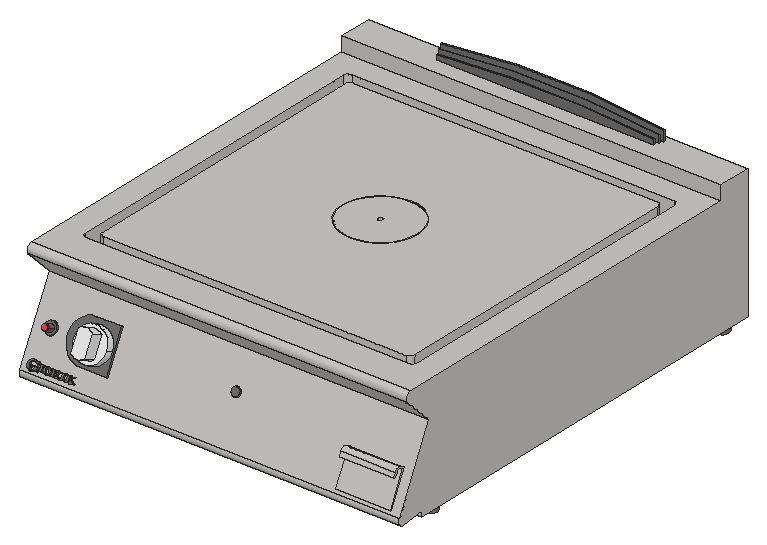
Revit family "QF_GIORIK_TG940T", category Specialty Equipment, Revit 2014
Parameters (values of type "TG940T")
  Weight in Pounds = 198.4158
  URL Cutsheet = "www.giorik.com"
  URL = "www.giorik.com"
  Status [instance] = ""
  Specification by User [instance] = ""
  Specification by Manufacturer = ""
  Show Logo [instance] = yes
  Show Clearance [instance] = yes
  Serial Number = ""
  Seismic Rating = ""
  SMACNA No = ""
  Revision Code [instance] = ""
  NAFEM Spec ID Number = ""
  Model = "TG940T"
  Mechanical Remarks [instance] = "Natural Gas"
  Mechanical Connection Type [instance] = ""
  Masterspec = ""
  Manufacturer = "GIORIK"
  Item Number [instance] = ""
  Installed By [instance] = ""
  Identify Quantity as Lot [instance] = no
  Gas Size = 1"
  Gas RI Height [instance] = 0 mm
  Gas KW = 15
  Gas Input = 15000 W
  Gas Connection Height [instance] = 20 mm
  Furnished By [instance] = ""
  Foodservice Equipment Identifier [instance] = yes
  Description = "GAS SOLID TOP HOB - COUNTERTOP VERSION"
  CSI MasterFormat = ""
  Assembly Code = "E1090320"
Reference planes
  plane 1 "Back": y = 0
  plane 2: z = 0
  plane 3 "Left": x = 0
  plane 4 "Right": x = 800
  plane 5 "Front": y = -920
  plane 6 "Top": z = 300
Forms (mm)
  Extrusion 1, solid, visible <- "Show Logo"
    sketch origin (-83.016, -936.624, 9.486) x (-1, 0, 0) y (0, 0.452718, 0.891654)
      loop
        line (-118.824, 58.358) -> (-127.804, 58.358) -> (-125.523, 56.445) -> (-125.523, 48.027) -> (-127.804, 46.113) -> (-118.824, 46.113) -> (-121.105, 48.027) -> (-121.105, 56.445) -> (-118.824, 58.358)
      loop
        line (-163.721, 58.358) -> (-172.7, 58.358) -> (-170.42, 56.445) -> (-170.42, 48.027) -> (-172.7, 46.113) -> (-163.721, 46.113) -> (-166.001, 48.027) -> (-166.001, 56.445) -> (-163.721, 58.358)
      loop
        line (-174.332, 58.358) -> (-183.312, 58.358) -> (-181.031, 56.445) -> (-181.031, 52.435) -> (-186.419, 56.955) -> (-184.416, 58.358) -> (-191.268, 58.358) -> (-188.01, 56.839) -> (-185.455, 54.283) -> (-190.846, 47.858) -> (-193.396, 46.93) -> (-193.396, 46.113) -> (-184.416, 46.113) -> (-185.437, 47.571) -> (-182.443, 51.552) -> (-181.031, 50.894) -> (-181.031, 48.027) -> (-183.312, 46.113) -> (-174.332, 46.113) -> (-176.613, 48.027) -> (-176.613, 56.445) -> (-174.332, 58.358)
      loop
        line (-115.429, 62.063) -> (-115.429, 54.198)
        arc (-115.429, 54.198) -> (-111.618, 57.803) -> (-106.847, 59.986) r 16.039
        arc (-106.847, 59.986) -> (-103.314, 59.837) -> (-100.512, 57.68) r 5.851
        arc (-100.512, 57.68) -> (-98.815, 52.267) -> (-100.512, 46.853) r 9.479
        arc (-100.512, 46.853) -> (-102.406, 44.986) -> (-104.846, 43.93) r 7.236
        arc (-104.846, 43.93) -> (-107.728, 44.111) -> (-110.052, 45.825) r 5.11
        line (-110.052, 45.825) -> (-110.052, 52.001) -> (-116.141, 52.001) -> (-116.141, 45.503) -> (-117.893, 43.751) -> (-114.094, 44.769)
        arc (-114.094, 44.769) -> (-112.56, 44.947) -> (-111.129, 44.366) r 3.115
        arc (-111.129, 44.366) -> (-104.216, 42.091) -> (-97.303, 44.366) r 11.641
        arc (-97.303, 44.366) -> (-93.396, 52.107) -> (-97.303, 59.849) r 9.622
        arc (-97.303, 59.849) -> (-104.369, 62.174) -> (-111.435, 59.849) r 11.898
        line (-111.435, 59.849) -> (-115.429, 62.063)
      loop
        arc (-129.234, 56.068) -> (-135.893, 58.628) -> (-142.552, 56.068) r 9.941
        arc (-142.552, 56.068) -> (-144.234, 52.286) -> (-142.552, 48.505) r 5.093
        arc (-142.552, 48.505) -> (-135.893, 45.945) -> (-129.234, 48.505) r 9.941
        arc (-129.234, 48.505) -> (-127.552, 52.286) -> (-129.234, 56.068) r 5.093
      loop
        arc (-132.628, 54.403) -> (-135.893, 57.668) -> (-139.158, 54.403) r 3.265
        line (-139.158, 54.403) -> (-139.158, 50.169)
        arc (-139.158, 50.169) -> (-135.893, 46.904) -> (-132.628, 50.169) r 3.265
        line (-132.628, 50.169) -> (-132.628, 54.403)
      loop
        arc (-156.363, 58.365) -> (-159.647, 55.081) -> (-156.363, 51.796) r 3.285
        line (-156.363, 51.796) -> (-159.529, 47.306) -> (-162.087, 46.113) -> (-155.847, 46.113) -> (-153.529, 51.083) -> (-150.637, 51.083) -> (-150.637, 47.784) -> (-153.022, 46.113) -> (-144.011, 46.113) -> (-146.094, 47.68) -> (-146.094, 56.493) -> (-144.229, 58.365) -> (-156.363, 58.365)
      loop
        line (-150.637, 57.512) -> (-153.637, 57.512)
        arc (-153.637, 57.512) -> (-156.237, 54.912) -> (-153.637, 52.312) r 2.6
        line (-153.637, 52.312) -> (-150.637, 52.312) -> (-150.637, 57.512)
      loop
        line (-108.924, 52.001) -> (-104.936, 49.005) -> (-100.948, 52.001) -> (-108.924, 52.001)
    from 1.5 to -0.5
  Extrusion 2, solid
    sketch origin (0, 800.138, -620) x (0, 1, 0) y (0, 0, 1)
      loop
        line (-800.138, 919.988) -> (-870.138, 919.988) -> (-870.138, 889.988) -> (-1688.806, 889.988)
        arc (-1688.806, 889.988) -> (-1699.151, 883.075) -> (-1696.724, 870.873) r 11.197
        line (-1696.724, 870.873) -> (-1640.876, 815.025) -> (-1718.948, 661.258)
        arc (-1718.948, 661.258) -> (-1718.233, 650.105) -> (-1708.118, 645.354) r 10.981
        line (-1708.118, 645.354) -> (-1660, 649.925) -> (-1660, 640) -> (-800.138, 640) -> (-800.138, 919.988)
    from 0 to 800
  Extrusion 3, void
    sketch origin (402.225, -199.862, 300) x (0, 1, 0) y (-1, 0, 0)
      loop
        line (79.862, -337.775) -> (79.862, 342.225)
        arc (79.862, 342.225) -> (76.933, 349.296) -> (69.862, 352.225) r 10
        line (69.862, 352.225) -> (-610.265, 352.225)
        arc (-610.265, 352.225) -> (-617.336, 349.296) -> (-620.265, 342.225) r 10
        line (-620.265, 342.225) -> (-620.265, -337.775)
        arc (-620.265, -337.775) -> (-617.336, -344.846) -> (-610.265, -347.775) r 10
        line (-610.265, -347.775) -> (69.862, -347.775)
        arc (69.862, -347.775) -> (76.933, -344.846) -> (79.862, -337.775) r 10
    from -30.012 to -70.012
  Extrusion 4, solid
    sketch origin (-199.411, -199.862, 229.988) x (0, 1, 0) y (-1, 0, 0)
      loop
        line (59.862, -919.41) -> (59.862, -280.219)
        arc (59.862, -280.219) -> (56.933, -273.148) -> (49.862, -270.219) r 10
        line (49.862, -270.219) -> (-590.265, -270.219)
        arc (-590.265, -270.219) -> (-597.336, -273.148) -> (-600.265, -280.219) r 10
        line (-600.265, -280.219) -> (-600.265, -919.41)
        arc (-600.265, -919.41) -> (-597.336, -926.481) -> (-590.265, -929.41) r 10
        line (-590.265, -929.41) -> (49.862, -929.41)
        arc (49.862, -929.41) -> (56.933, -926.481) -> (59.862, -919.41) r 10
      loop
        circle (-270.201, -600.241) r 80
    from 0 to 40
  Extrusion 5, solid
    sketch origin (-198.539, -99.781, 229.988) x (0, 1, 0) y (-1, 0, 0)
      loop
        circle (-370.282, -599.41) r 78
      loop
        circle (-370.282, -599.41) r 5
    from 0 to 40
  Extrusion 6, solid
    sketch origin (-294.488, -1163.208, -547.637) x (1, 0, 0) y (0, 0.452718, 0.891654)
      loop
        line (463.221, 676.25) -> (463.221, 766.25) -> (409.698, 766.25)
        arc (409.698, 766.25) -> (364.698, 721.25) -> (409.698, 676.25) r 45
        line (409.698, 676.25) -> (463.221, 676.25)
    from 48 to 50
  Extrusion 7, solid
    sketch origin (480.064, -1208.559, -525.041) x (-1, 0, 0) y (0, -0.45351, -0.891251)
      loop
        circle (351.331, -721.346) r 35
    from 0 to 15
  Extrusion 8, solid
    sketch origin (480.064, -1208.559, -525.041) x (-1, 0, 0) y (0, -0.45351, -0.891251)
      loop
        arc (336.331, -743.846) -> (351.331, -748.846) -> (366.331, -743.846) r 25
        line (366.331, -743.846) -> (366.331, -698.846)
        arc (366.331, -698.846) -> (351.331, -693.846) -> (336.331, -698.846) r 25
        line (336.331, -698.846) -> (336.331, -743.846)
    from 15 to 40
  Extrusion 9, solid
    sketch origin (73.883, -1180.381, -528.989) x (-1, 0, 0) y (0, -0.452718, -0.891654)
      loop
        circle (38.702, -711.666) r 12.5
    from 25 to 27
  Extrusion 10, solid
    sketch origin (800.091, -1207.364, -522.493) x (-1, 0, 0) y (0, -0.452718, -0.891654)
      loop
        circle (764.91, -718.089) r 6
    from 0 to 15
  Extrusion 11, solid
    sketch origin (800.091, -1208.4, -521.967) x (-1, 0, 0) y (0, -0.452718, -0.891654)
      loop
        circle (764.91, -718.089) r 6
    from 13.838 to 15.838
  Extrusion 12, solid
    sketch origin (527.393, -1206.574, -437.154) x (0, 0.891654, -0.452718) y (0, 0.452718, 0.891654)
      loop
        line (40, 640.1) -> (30, 640.1)
        arc (30, 640.1) -> (22.929, 637.171) -> (20, 630.1) r 10
        line (20, 630.1) -> (20, 620.1) -> (22, 620.1) -> (22, 630.1)
        arc (22, 630.1) -> (24.343, 635.757) -> (30, 638.1) r 8
        line (30, 638.1) -> (38, 638.1) -> (38, 565.1) -> (40, 565.1) -> (40, 640.1)
    from 137.5 to 252.5
  Extrusion 13, solid
    sketch origin (458.883, -1173.653, -517.406) x (-1, 0, 0) y (0, -0.452718, -0.891654)
      loop
        circle (38.657, -711.64) r 9
    from 25 to 27
  Extrusion 14, solid
    sketch origin (36.031, 0, -610.001) x (1, 0, 0) y (0, 0, 1)
      loop
        line (135, 909.989) -> (592.969, 909.989) -> (592.969, 919.989) -> (440.969, 929.989) -> (287, 929.989) -> (135, 919.989) -> (135, 909.989)
    from 32 to 35
  Extrusion 15, solid
    sketch origin (38, 10, -610.001) x (1, 0, 0) y (0, 0, 1)
      loop
        line (594, 909.989) -> (594, 924.989) -> (440, 937.489) -> (284, 937.489) -> (130, 925.001) -> (130, 909.989) -> (594, 909.989)
    from 32 to 35
  Extrusion 16, solid
    sketch origin (40, 20, -610.001) x (1, 0, 0) y (0, 0, 1)
      loop
        line (595, 909.989) -> (595, 930.001) -> (439, 945.258) -> (281, 945.258) -> (125, 929.989) -> (125, 909.989) -> (595, 909.989)
    from 32 to 35
  Extrusion 17, solid
    sketch origin (-4, 0.53, -0.008) x (1, 0, 0) y (0, 1, 0)
      loop
        circle (54, -385) r 12.5
    from 5 to 20
  Extrusion 18, solid
    sketch origin (543.603, 45.323, -30.008) x (0, 1, 0) y (-1, 0, 0)
      loop
        circle (-79.293, 516.603) r 5
    from 41.965 to 50
  Revolve 19, solid
    sketch origin (27, 49.972, -600.008) x (0, 1, 0) y (0, 0, 1)
      loop
        line (-83.943, 611.965) -> (-94.752, 611.965) -> (-97.943, 600) -> (-83.943, 600) -> (-83.943, 611.965)
      axis (-83.943, 611.965) -> (-83.943, 600)
    angle from 0 to 360
  Extrusion 20, solid
    sketch origin (256.397, 45.323, -30.008) x (0, 1, 0) y (-1, 0, 0)
      loop
        circle (-79.293, -516.603) r 5
    from 41.965 to 50
  Revolve 21, solid
    sketch origin (773, 49.972, -600.008) x (0, 1, 0) y (0, 0, -1)
      loop
        line (-83.943, -611.965) -> (-83.943, -600) -> (-97.943, -600) -> (-94.752, -611.965) -> (-83.943, -611.965)
      axis (-83.943, -611.965) -> (-83.943, -600)
    angle from 0 to 360
  Extrusion 22, solid
    sketch origin (543.603, -724.545, -30.008) x (0, 1, 0) y (-1, 0, 0)
      loop
        circle (-79.293, 516.603) r 5
    from 41.965 to 50
  Revolve 23, solid
    sketch origin (27, -719.895, -600.008) x (0, 1, 0) y (0, 0, 1)
      loop
        line (-83.943, 611.965) -> (-94.752, 611.965) -> (-97.943, 600) -> (-83.943, 600) -> (-83.943, 611.965)
      axis (-83.943, 611.965) -> (-83.943, 600)
    angle from 0 to 360
  Extrusion 24, solid
    sketch origin (256.397, -724.545, -30.008) x (0, 1, 0) y (-1, 0, 0)
      loop
        circle (-79.293, -516.603) r 5
    from 41.965 to 50
  Revolve 25, solid
    sketch origin (773, -719.895, -600.008) x (0, 1, 0) y (0, 0, -1)
      loop
        line (-83.943, -611.965) -> (-83.943, -600) -> (-97.943, -600) -> (-94.752, -611.965) -> (-83.943, -611.965)
      axis (-83.943, -611.965) -> (-83.943, -600)
    angle from 0 to 360
Cuts and joins
  Extrusion 3 cuts Extrusion 2
Lines and regions (mm)
  symbolic lines, style "200-EquipBorder-2D"
    curve 1: line (0, -920, 0) -> (800, -920, 0)
    curve 2: line (800, -920, 0) -> (800, 0, 0)
    curve 3: line (800, 0, 0) -> (0, 0, 0)
    curve 4: line (0, 0, 0) -> (0, -920, 0)
  symbolic lines, style "200-EquipInternal-2D"
    curve 5: line (0, -70, 300) -> (800, -70, 300)
    curve 6: line (165, -12, 900) -> (635, -12, 900)
    curve 7: line (635, -12, 900) -> (635, -15, 900)
    curve 8: line (635, -15, 900) -> (165, -15, 900)
    curve 9: line (165, -15, 900) -> (165, -12, 900)
    curve 10: line (168, -22, 900) -> (632, -22, 900)
    curve 11: line (632, -22, 900) -> (632, -25, 900)
    curve 12: line (632, -25, 900) -> (168, -25, 900)
    curve 13: line (168, -25, 900) -> (168, -22, 900)
    curve 14: line (171.031, -32, 900) -> (629, -32, 900)
    curve 15: line (629, -32, 900) -> (629, -35, 900)
    curve 16: line (629, -35, 900) -> (171.031, -35, 900)
    curve 17: line (171.031, -35, 900) -> (171.031, -32, 900)
    curve 19: arc (60, -120, 300) -> (52.929, -122.929, 300) -> (50, -130, 300) r 10
    curve 20: line (740, -120, 300) -> (60, -120, 300)
    curve 21: line (719.999, -140, 300) -> (80.808, -140, 300)
    curve 22: line (50, -130, 300) -> (50, -810.127, 300)
    curve 23: line (70.808, -150, 300) -> (70.808, -790.127, 300)
    curve 24: arc (80.808, -140, 300) -> (73.737, -142.929, 300) -> (70.808, -150, 300) r 10
    curve 25: arc (50, -810.127, 300) -> (52.929, -817.198, 300) -> (60, -820.127, 300) r 10
    curve 26: arc (70.808, -790.127, 300) -> (73.737, -797.198, 300) -> (80.808, -800.127, 300) r 10
    curve 27: line (60, -820.127, 300) -> (740, -820.127, 300)
    curve 28: line (80.808, -800.127, 300) -> (719.999, -800.127, 300)
    curve 29: line (750, -810.127, 300) -> (750, -130, 300)
    curve 30: arc (719.999, -800.127, 300) -> (727.07, -797.198, 300) -> (729.999, -790.127, 300) r 10
    curve 31: line (729.999, -790.127, 300) -> (729.999, -150, 300)
    curve 32: arc (740, -820.127, 300) -> (747.071, -817.198, 300) -> (750, -810.127, 300) r 10
    curve 33: arc (729.999, -150, 300) -> (727.07, -142.929, 300) -> (719.999, -140, 300) r 10
    curve 34: arc (750, -130, 300) -> (747.071, -122.929, 300) -> (740, -120, 300) r 10
    curve 35: arc (480.83, -470.064, 300) -> (400.83, -550.064, 300) -> (320.83, -470.064, 300) r 80
    curve 36: arc (478.872, -470.064, 300) -> (400.872, -392.064, 300) -> (322.872, -470.064, 300) r 78
    curve 37: arc (320.83, -470.064, 300) -> (400.83, -390.064, 300) -> (480.83, -470.064, 300) r 80
    curve 38: arc (322.872, -470.064, 300) -> (400.872, -548.064, 300) -> (478.872, -470.064, 300) r 78
    curve 39: arc (405.872, -470.064, 300) -> (400.872, -475.064, 300) -> (395.872, -470.064, 300) r 5
    curve 40: arc (395.872, -470.064, 300) -> (400.872, -465.064, 300) -> (405.872, -470.064, 300) r 5
  model lines, style "200-EquipBlack-3D"
    curve 18: line (322.872, -470.064, 300) -> (320.83, -470.064, 300)
Dimensions and locks
  plane 3 "Left" to plane 4 "Right" = 800 mm
  plane 5 "Front" to plane 1 "Back" = 920 mm
  plane 4 "Right" to plane 3 "Left" = 800 mm
  plane 1 "Back" to plane 5 "Front" = 920 mm
  plane 6 "Top" to level = 300 mm  (x2)
  aligned and locked: level to plane 2
Connectors
  piping at (50, -384.47, 4.992), diameter 25.4, driven by "Gas Size"
    settings: on Extrusion 17, index 3, connector inside diameter 24", connector length 0 mm, flow factor 0, pipe flow 0.0 L/s, pressure drop 0.0 Pa, fitting loss kfactor 0, connector angle 0.00°, fixture units 0, engagement length 0 mm, angle of deflection 0.00°, flow configuration 0, flow direction 0, fitting loss method 0, system type 22, joint type 0, gender type 0, connector reference index -1, connector utility 0, adjustable connector no, is connector primary yes, connector description "Gas inlet"
